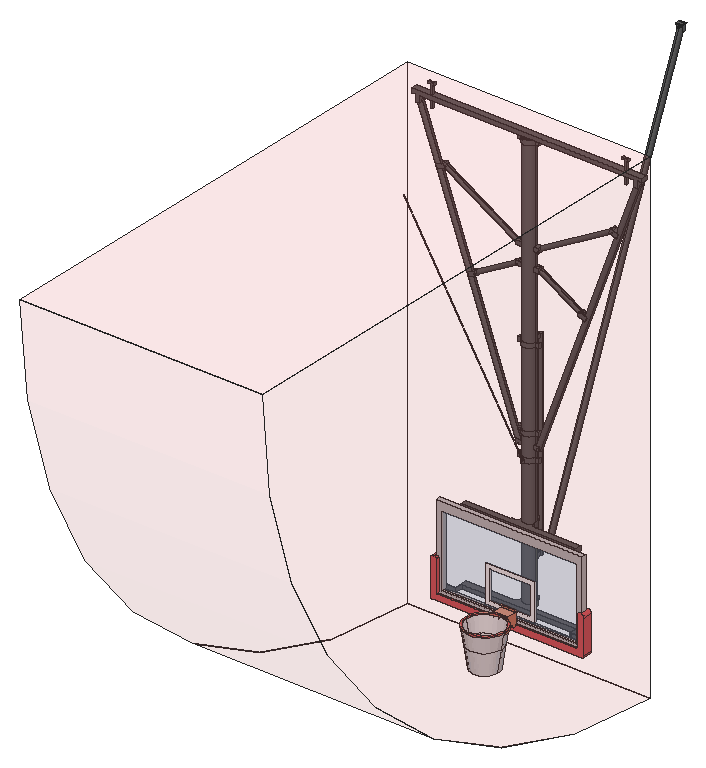
Revit family "Basketball_Backstop-Ceiling_Mount-Forward_Fold-IPIbyBison-IP1350SF-Xtra_Height", category Specialty Equipment, Revit 2026
Family settings
  Round Connector Dimension = Use Diameter
  Part Type = Normal
  Classification Number = 23.40.50.34.14
  Enable Cutting in Views = No
  Always vertical = Yes
  Cut with Voids When Loaded = No
  Maintain Annotation Orientation = No
  Shared = No
  Room Calculation Point = No
Parameters (values of type "Front Fold Rear Braced")
  Unit Weight [instance] = 0
  URL = "https://ipibybison.com/"
  Swing Clearance Visible [instance] = yes
  Specification = "https://www.arcat.com/company/ipi-by-bison-38554/spec"
  Set Frame Below Truss Level [instance] = -0' - 1"
  Rim Color [instance] = Plastic - IPI by Bison - Orange OR
  Product Page URL = "https://www.arcat.com/arcatcos/cos38/arc38554.html"
  Net Color [instance] = Finish - IPI by Bison - White Netting
  Model = "IP1350SF"
  Manufacturer = "IPI by Bison"
  Keynote = "11 66 00"
  Glass [instance] = Glass - IPI by Bison
  Frame Finish [instance] = Finish - IPI by Bison - Black
  Folding Clearance [instance] = ARCAT Clearance
  F_Length of Piping Below Brace Point [instance] = 1' - 6"
  FF to Top of Hoop [instance] = 10' - 0"
  Description = "Back Folding Basketball Frame and Backboard, Ceiling Mount"
  Default Elevation = 0' - 0"
  Copyright = "© 2023 ARCAT"  # constant formula
  C_Distance to Lift Cable [instance] = 6' - 6.37923"
  CAD Details = "https://www.arcat.com/company/ipi-by-bison-38554/cad"
  Backboard Type = Backboard_BA42XLGlass : Backboard_BA42XLGlass
  Backboard Square Color [instance] = Finish - IPI by Bison - White
  Backboard Padding Color [instance] = Plastic - IPI by Bison - Scarlet SC
  Backboard Frame Color [instance] = Finish - IPI by Bison - Satin Aluminum
  Backboard Distance from Wall [instance] = 7' - 0"
  B_Distance Between Y Frame Supports [instance] = 8' - 0"  # constant formula
  Available Options = "as Specified"
  A_Distance to Brace [instance] = 7' - 10"
Reference planes (in)
  plane 1 "Center (Front/Back)": y = 0
  plane 2: z = 0
  plane 3 "Center (Left/Right)": x = 0
  plane 4: y = -84
  plane 5: x = -48
  plane 6: x = 48
  plane 7: z = 120
Forms (in)
  Revolve 1, solid, material "ARCAT Clearance" <- "Folding Clearance", visible <- "Swing Clearance Visible"
    sketch origin (-24.35865, -84, 48) x (-1, 0, 0) y (0, 0, 1)
      loop
        line (35.64135, 288) -> (-84.35865, 288) -> (-84.35865, 48) -> (35.64135, 48) -> (35.64135, 288)
      axis (35.64135, 288) -> (-84.35865, 288)
    angle from 0 to 90
Dimensions and locks (in)
  "Backboard Distance from Wall": plane 4 to plane 1 "Center (Front/Back)"
  equal spacing: plane 5, plane 3 "Center (Left/Right)", plane 6
  "B_Distance Between Y Frame Supports": plane 5 to plane 6
  "FF to Top of Hoop": plane 7 to level
  locked: plane 6 to Revolve 1 sketch curve at 12
  locked: Revolve 1 sketch curve to plane 5 at 12
  locked: plane 7 to Revolve 1 sketch curve at 24
  aligned and locked: level to plane 2
  aligned and locked: nested 2 to plane 4
  aligned and locked: plane 4 to nested 1
  aligned and locked: Revolve 1 sketch curve to level
  aligned and locked: level to Revolve 1 sketch curve
Automatic sketch dimensions
  plane 6 to Revolve 1 sketch curve = 0' - 4.26312"
  Revolve 1 sketch curve to plane 5 = 0' - 0.73688"
Nested families (in)
  nested 1: "Backboard_BA42XLGlass" at (0, -84, 120) x (-1, 0, 0) z (0, 0, 1), built-in parameter 1001364 <- "FF to Top of Hoop", backboard color <- "Backboard Frame Color", backboard square color <- "Backboard Square Color", frame finish <- "Frame Finish", glass <- "Glass", rim finish <- "Rim Color", net color <- "Net Color", padding color <- "Backboard Padding Color", height offset <- "FF to Top of Hoop", type "Backboard_BA42XLGlass"
    with rim finish Plastic - IPI by Bison - Orange OR, padding color Plastic - IPI by Bison - Scarlet SC, net color Finish - IPI by Bison - White Netting, height offset 10' - 0", glass Glass - IPI by Bison, frame finish Finish - IPI by Bison - Black, backboard square color Finish - IPI by Bison - White, backboard color Finish - IPI by Bison - Satin Aluminum
  nested 2: "Frame_FFRB28" at (0, -84, 335), built-in parameter 1001364 <- "Set Frame Below Truss Level", a <- "A_Distance to Brace", f <- "F_Length of Piping Below Brace Point", frame <- "Frame Finish", c <- "C_Distance to Lift Cable", type "Frame_FFRB28"
    with frame Finish - IPI by Bison - Black, f 1' - 6", c 6' - 6.37923", b 8' - 0", a 7' - 10"
Definition of nested family "Backboard_BA42XLGlass"
  Parameters (values of type "Backboard_BA42XLGlass")
    padding color [instance] = none
    net color [instance] = none
    rim finish [instance] = none
    height offset [instance] = 9' - 6"
    glass [instance] = none
    frame finish [instance] = none
    backboard square color [instance] = none
    backboard color [instance] = none
    Default Elevation = 4' - 0"
  Reference planes (in)
    plane 1 "Center (Front/Back)": y = 0
    plane 2: z = 0
    plane 3 "Center (Left/Right)": x = 0
    plane 4: z = -114
  Forms (in)
    Extrusion 1, solid, material <- "backboard color"
      sketch origin (-8.43545, 11.2937, 28.94441) x (1, 0, 0) y (0, 0, 1)
        loop
          line (-27.56455, 6.99989) -> (-27.56455, -35.00011) -> (44.43545, -35.00011) -> (44.43545, 6.99989) -> (-27.56455, 6.99989)
        loop
          line (41.81045, 2.74989) -> (-24.93955, 2.74989) -> (-24.93955, -32.37511) -> (41.81045, -32.37511) -> (41.81045, 2.74989)
      from 1.125 to -1.125
    Extrusion 2, solid, material <- "padding color"
      sketch origin (-8.43545, 11.2937, 29.06941) x (1, 0, 0) y (0, 0, 1)
        loop
          line (-27.55038, -17.62511) -> (-27.80038, -17.62511)
          arc (-27.80038, -17.62511) -> (-29.03781, -18.13767) -> (-29.55038, -19.37511) r 1.75
          line (-29.55038, -19.37511) -> (-29.55038, -36.12511)
          arc (-29.55038, -36.12511) -> (-29.25748, -36.83222) -> (-28.55038, -37.12511) r 1
          line (-28.55038, -37.12511) -> (45.44962, -37.12511)
          arc (45.44962, -37.12511) -> (46.15673, -36.83222) -> (46.44962, -36.12511) r 1
          line (46.44962, -36.12511) -> (46.44962, -19.37511)
          arc (46.44962, -19.37511) -> (45.93706, -18.13767) -> (44.69962, -17.62511) r 1.75
          line (44.69962, -17.62511) -> (44.42127, -17.62511)
          arc (44.42127, -17.62511) -> (43.71416, -17.918) -> (43.42127, -18.62511) r 1
          line (43.42127, -18.62511) -> (43.42127, -33.98376) -> (-26.55038, -33.98376) -> (-26.55038, -18.62511)
          arc (-26.55038, -18.62511) -> (-26.84327, -17.918) -> (-27.55038, -17.62511) r 1
      from -2.18697 to 2.14819
    Revolve 3, solid, material <- "net color"
      sketch origin (-8.43545, 27.4812, 28.93687) x (1, 0, 0) y (0, 0, 1)
        loop
          circle (-0.85808, -29.24642) r 0.3125
        loop
          line (-1.03195, -29.9762) -> (0.27041, -37.36226) -> (1.80132, -48.25521) -> (2.05377, -48.25521) -> (0.51737, -37.32314) -> (-0.77809, -29.9762) -> (-1.03195, -29.9762)
        axis (8.43545, -48.25521) -> (8.43545, -29.24642)
      angle from 0 to 360
    Revolve 4, solid, material <- "rim finish"
      sketch origin (0.02792, 11.2937, 0) x (0, 1, 0) y (0, 0, 1)
        loop
          line (6.79001, -0.625) -> (6.54001, -0.625) -> (6.54001, -2.125) -> (6.79001, -2.125) -> (6.79001, -0.625)
        axis (16.04001, -2.125) -> (16.04001, -0.625)
      angle from -90 to 90
    Extrusion 5, solid, material <- "rim finish"
      sketch origin (0, 0, 0) x (0, 1, 0) y (0, 0, 1)
        loop
          line (17.69724, 0) -> (12.8212, 0) -> (13.12361, 1.21287) -> (12.79369, 1.29513) -> (12.47078, 0) -> (12.47078, -6.5) -> (13.63137, -6.5) -> (17.69724, -2.43414) -> (17.69724, 0)
      from -3.50075 to 3.49925
    Extrusion 6, solid, material <- "backboard square color"
      sketch origin (0.02792, 11.2937, 0) x (1, 0, 0) y (0, 0, 1)
        loop
          line (-12.02792, 16.0023) -> (-12.02792, -1.9977) -> (11.97208, -1.9977) -> (11.97208, 16.0023) -> (-12.02792, 16.0023)
        loop
          line (-10.02792, 14.0023) -> (-10.02792, 0) -> (9.97208, 0) -> (9.97208, 14.0023) -> (-10.02792, 14.0023)
      from -0.44333 to 0.05679
    Extrusion 7, solid, material <- "glass"
      sketch origin (0.02792, 11.2937, 0) x (1, 0, 0) y (0, 0, 1)
        loop
          line (-33.40292, 31.6943) -> (-33.40292, -3.4307) -> (33.34708, -3.4307) -> (33.34708, 31.6943) -> (-33.40292, 31.6943)
      from -0.405 to 0
    Extrusion 8, solid, material <- "frame finish"
      sketch origin (0, 11.2937, 0) x (1, 0, 0) y (0, 1, 0)
        loop
          line (-28.5, -7.7495) -> (-6, -7.7495) -> (-6, -8.1245) -> (-4.12188, -8.1245) -> (-3.02199, -10.02957)
          arc (-3.02199, -10.02957) -> (-2.89931, -12.81607) -> (-0.66175, -14.4813) r 3.25
          line (-0.66175, -14.4813) -> (-0.66175, -16.28845) -> (0.60591, -16.28845) -> (0.60591, -14.4813)
          arc (0.60591, -14.4813) -> (2.82905, -12.84298) -> (2.98938, -10.08605) r 3.25
          line (2.98938, -10.08605) -> (4.12188, -8.1245) -> (6, -8.1245) -> (6, -7.7495) -> (28.5, -7.7495) -> (28.5, -1.4995) -> (33, -1.4995) -> (33, -1.125) -> (28.25, -1.125) -> (28.25, -4.7495) -> (-28.25, -4.7495) -> (-28.25, -1.125) -> (-33, -1.125) -> (-33, -1.4995) -> (-28.5, -1.4995) -> (-28.5, -7.7495)
      from -3.4307 to -1.5237
    Extrusion 9, solid, material <- "frame finish"
      sketch origin (0, 11.2937, 0) x (1, 0, 0) y (0, 1, 0)
        loop
          line (-28.5, -7.7495) -> (-6, -7.7495) -> (-6, -8.1245) -> (-4.12188, -8.1245) -> (-3.02199, -10.02957)
          arc (-3.02199, -10.02957) -> (-2.89931, -12.81607) -> (-0.66175, -14.4813) r 3.25
          line (-0.66175, -14.4813) -> (-0.66175, -16.28845) -> (0.60591, -16.28845) -> (0.60591, -14.4813)
          arc (0.60591, -14.4813) -> (2.82905, -12.84298) -> (2.98938, -10.08605) r 3.25
          line (2.98938, -10.08605) -> (4.12188, -8.1245) -> (6, -8.1245) -> (6, -7.7495) -> (28.5, -7.7495) -> (28.5, -1.4995) -> (33, -1.4995) -> (33, -1.125) -> (28.25, -1.125) -> (28.25, -4.7495) -> (-28.25, -4.7495) -> (-28.25, -1.125) -> (-33, -1.125) -> (-33, -1.4995) -> (-28.5, -1.4995) -> (-28.5, -7.7495)
      from 31.75979 to 34.1423
  Lines and regions (in)
    model lines
      curve 1: line (-0.00075, 0, 0) -> (-0.00075, 0, -114)
  Dimensions and locks (in)
    "height offset": level to plane 4
    aligned and locked: plane 2 to level
    aligned and locked: plane 4 to curve 1
  Automatic sketch dimensions
    curve 1 to level = 0' - 0"
    curve 1 to plane 3 "Center (Left/Right)" = 0' - 0.00075"
    Extrusion 1 sketch curve to plane 3 "Center (Left/Right)" = 3' - 0"
    Extrusion 1 sketch curve to Extrusion 1 sketch curve = 0' - 2 5/8"  (x2)
    plane 3 "Center (Left/Right)" to Extrusion 1 sketch curve = 2' - 9 3/8"
    Extrusion 1 sketch curve to level = 0' - 6.0557"
    Extrusion 1 sketch curve to level = 0' - 3.4307"
    level to Extrusion 1 sketch curve = 2' - 7.6943"
    Extrusion 1 sketch curve to Extrusion 1 sketch curve = 0' - 4 1/4"
    level to Extrusion 2 sketch curve = 0' - 9.6943"
    Extrusion 2 sketch curve to plane 3 "Center (Left/Right)" = 3' - 1.98582"
    Extrusion 2 sketch curve to Extrusion 2 sketch curve = 0' - 1"  (x4)
    Extrusion 2 sketch curve to Extrusion 2 sketch curve = 0' - 1 3/4"
    Extrusion 2 sketch curve to Extrusion 2 sketch curve = 0' - 0 1/4"
    level to Extrusion 2 sketch curve = 0' - 10.4443"
    plane 3 "Center (Left/Right)" to Extrusion 2 sketch curve = 2' - 10.98582"
    Extrusion 2 sketch curve to Extrusion 2 sketch curve = 0' - 0.27835"
    Extrusion 2 sketch curve to Extrusion 2 sketch curve = 0' - 2.02835"
    Extrusion 2 sketch curve to level = 0' - 4.91435"
    Extrusion 2 sketch curve to Extrusion 2 sketch curve = 0' - 2.14135"
    Revolve 3 sketch curve to plane 3 "Center (Left/Right)" = 0' - 0"
    Revolve 3 sketch curve to plane 3 "Center (Left/Right)" = 0' - 6.38167"
    Revolve 3 sketch curve to Revolve 3 sketch curve = 0' - 0.25246"
    Revolve 3 sketch curve to plane 3 "Center (Left/Right)" = 0' - 7.91808"
    Revolve 3 sketch curve to Revolve 3 sketch curve = 0' - 0.24696"
    Revolve 3 sketch curve to level = 0' - 1.03933"
    Revolve 3 sketch curve to Revolve 3 sketch curve = 0' - 1.0485"
    Revolve 3 sketch curve to level = 0' - 0.30954"
    Revolve 3 sketch curve to Revolve 3 sketch curve = 0' - 0.07999"
    Revolve 3 sketch curve to Revolve 3 sketch curve = 0' - 0.25386"
    Revolve 3 sketch curve to Revolve 3 sketch curve = 0' - 7.34694"
    Revolve 3 sketch curve to Revolve 3 sketch curve = 0' - 0.03911"
    Revolve 3 sketch curve to Revolve 3 sketch curve = 0' - 10.89295"
    Revolve 3 sketch curve to level = 0' - 0.00754"
    level to Revolve 3 sketch curve = 0' - 2.99246"
    Revolve 4 sketch curve to level = 0' - 2 1/8"
    Revolve 4 sketch curve to plane 1 "Center (Front/Back)" = 1' - 5.83371"
    Revolve 4 sketch curve to Revolve 4 sketch curve = 0' - 0 1/4"
    Revolve 4 sketch curve to level = 0' - 0 5/8"  (x2)
    Revolve 4 sketch curve to Revolve 4 sketch curve = 0' - 9 1/4"
    level to Revolve 4 sketch curve = 0' - 3 1/8"
    Extrusion 5 sketch curve to level = 0' - 0"  (x2)
    Extrusion 5 sketch curve to plane 1 "Center (Front/Back)" = 1' - 0.47078"
    level to Extrusion 5 sketch curve = 0' - 1.29513"
    Extrusion 5 sketch curve to Extrusion 5 sketch curve = 0' - 0.32291"
    Extrusion 5 sketch curve to Extrusion 5 sketch curve = 0' - 0.35043"
    Extrusion 5 sketch curve to Extrusion 5 sketch curve = 0' - 1.16059"
    Extrusion 5 sketch curve to Extrusion 5 sketch curve = 0' - 4.57363"
    Extrusion 5 sketch curve to Extrusion 5 sketch curve = 0' - 2.43414"
    Extrusion 5 sketch curve to Extrusion 5 sketch curve = 0' - 6 1/2"
    Extrusion 6 sketch curve to level = 0' - 0"
    Extrusion 6 sketch curve to level = 0' - 1.9977"
    Extrusion 6 sketch curve to plane 3 "Center (Left/Right)" = 1' - 0"
    Extrusion 6 sketch curve to Extrusion 6 sketch curve = 0' - 2"  (x3)
    plane 3 "Center (Left/Right)" to Extrusion 6 sketch curve = 0' - 10"
    Extrusion 6 sketch curve to Extrusion 6 sketch curve = 1' - 2.0023"
    Extrusion 7 sketch curve to plane 3 "Center (Left/Right)" = 2' - 9 3/8"
    Extrusion 7 sketch curve to level = 0' - 3.4307"
    plane 3 "Center (Left/Right)" to Extrusion 7 sketch curve = 2' - 9 3/8"
    level to Extrusion 7 sketch curve = 2' - 7.6943"
    Extrusion 8 sketch curve to Extrusion 8 sketch curve = 0' - 0"  (x3)
    plane 1 "Center (Front/Back)" to Extrusion 8 sketch curve = 0' - 0"
    Extrusion 8 sketch curve to plane 1 "Center (Front/Back)" = 0' - 9.7942"
    Extrusion 8 sketch curve to plane 3 "Center (Left/Right)" = 2' - 9"
    Extrusion 8 sketch curve to plane 1 "Center (Front/Back)" = 0' - 3.5442"
    Extrusion 8 sketch curve to Extrusion 8 sketch curve = 0' - 4 1/2"  (x2)
    Extrusion 8 sketch curve to Extrusion 8 sketch curve = 0' - 0 1/4"  (x2)
    Extrusion 8 sketch curve to plane 3 "Center (Left/Right)" = 0' - 6"
    Extrusion 8 sketch curve to Extrusion 8 sketch curve = 0' - 1.87812"  (x2)
    Extrusion 8 sketch curve to Extrusion 8 sketch curve = 0' - 1.09989"
    Extrusion 8 sketch curve to plane 3 "Center (Left/Right)" = 0' - 0.66175"
    Extrusion 8 sketch curve to plane 3 "Center (Left/Right)" = 0' - 0.02792"
    plane 3 "Center (Left/Right)" to Extrusion 8 sketch curve = 0' - 0.60591"
    Extrusion 8 sketch curve to plane 1 "Center (Front/Back)" = 0' - 1.20765"
    plane 3 "Center (Left/Right)" to Extrusion 8 sketch curve = 0' - 2.98938"
    Extrusion 8 sketch curve to Extrusion 8 sketch curve = 0' - 1.1325"
    Extrusion 8 sketch curve to plane 1 "Center (Front/Back)" = 0' - 10.1687"
    Extrusion 8 sketch curve to Extrusion 8 sketch curve = 1' - 10 1/4"
    Extrusion 8 sketch curve to Extrusion 8 sketch curve = 0' - 1.80715"
    Extrusion 8 sketch curve to Extrusion 8 sketch curve = 0' - 0 3/8"  (x2)
    Extrusion 8 sketch curve to plane 1 "Center (Front/Back)" = 0' - 3.1692"
    Extrusion 8 sketch curve to Extrusion 8 sketch curve = 0' - 3"
    Extrusion 8 sketch curve to Extrusion 8 sketch curve = 0' - 0.3745"  (x2)
    Extrusion 9 sketch curve to Extrusion 9 sketch curve = 0' - 0"  (x3)
    plane 1 "Center (Front/Back)" to Extrusion 9 sketch curve = 0' - 0"
    Extrusion 9 sketch curve to plane 1 "Center (Front/Back)" = 0' - 9.7942"
    Extrusion 9 sketch curve to plane 3 "Center (Left/Right)" = 2' - 9"
    Extrusion 9 sketch curve to plane 1 "Center (Front/Back)" = 0' - 3.5442"  (x2)
    Extrusion 9 sketch curve to Extrusion 9 sketch curve = 0' - 4 1/2"  (x2)
    Extrusion 9 sketch curve to Extrusion 9 sketch curve = 0' - 0 1/4"  (x2)
    Extrusion 9 sketch curve to plane 3 "Center (Left/Right)" = 0' - 6"
    Extrusion 9 sketch curve to Extrusion 9 sketch curve = 0' - 1.87812"  (x2)
    Extrusion 9 sketch curve to Extrusion 9 sketch curve = 0' - 1.09989"
    Extrusion 9 sketch curve to plane 3 "Center (Left/Right)" = 0' - 0.66175"
    Extrusion 9 sketch curve to plane 3 "Center (Left/Right)" = 0' - 0.02792"
    plane 3 "Center (Left/Right)" to Extrusion 9 sketch curve = 0' - 0.60591"
    Extrusion 9 sketch curve to plane 1 "Center (Front/Back)" = 0' - 1.20765"
    plane 3 "Center (Left/Right)" to Extrusion 9 sketch curve = 0' - 2.98938"
    Extrusion 9 sketch curve to Extrusion 9 sketch curve = 0' - 1.1325"
    Extrusion 9 sketch curve to plane 1 "Center (Front/Back)" = 0' - 10.1687"
    Extrusion 9 sketch curve to Extrusion 9 sketch curve = 1' - 10 1/4"
    Extrusion 9 sketch curve to Extrusion 9 sketch curve = 0' - 1.80715"
    Extrusion 9 sketch curve to Extrusion 9 sketch curve = 0' - 0 3/8"
    Extrusion 9 sketch curve to plane 1 "Center (Front/Back)" = 0' - 3.1692"
    Extrusion 9 sketch curve to Extrusion 9 sketch curve = 0' - 3"
    Extrusion 9 sketch curve to Extrusion 9 sketch curve = 0' - 0.3745"  (x2)
    radius of Revolve 3 sketch curve = 0' - 0 5/16"
Definition of nested family "Frame_FFRB28"
  Parameters (values of type "Frame_FFRB28")
    frame [instance] = none
    f [instance] = 1' - 6"
    c [instance] = 6' - 6.37923"
    b [instance] = 8' - 0"  # constant formula
    a [instance] = 7' - 10"
    Default Elevation = 4' - 0"
  Reference planes (in)
    plane 1 "Center (Front/Back)": y = 0
    plane 2: z = 0
    plane 3 "Center (Left/Right)": x = 0
    plane 4: z = -4.125
    plane 5: x = -48
    plane 6: x = 48
    plane 7: z = -219
    plane 8: z = -201
    plane 9: y = -78.37923
    plane 10: y = 94
    plane 11: z = -102
  Forms (in)
    Extrusion 1, solid, material <- "frame"
      sketch origin (0, 0, 0) x (-1, 0, 0) y (0, 0, 1)
        loop
          line (-48.5, -3.57547) -> (-49.1801, -3.57547) -> (-49.1801, -4.57547) -> (-48.5, -4.57547) -> (-48.5, -14.94659) -> (-47.5, -14.94659) -> (-47.5, -4.50272) -> (-46.31181, -4.50272) -> (-46.31181, -3.67379) -> (-47.125, -3.67379) -> (-47.125, -3.45566) -> (-48.5, -3.45566) -> (-48.5, -3.57547)
        loop
          line (47.5, -3.57547) -> (46.8199, -3.57547) -> (46.8199, -4.57547) -> (47.5, -4.57547) -> (47.5, -14.94659) -> (48.5, -14.94659) -> (48.5, -4.50272) -> (49.68819, -4.50272) -> (49.68819, -3.67379) -> (48.875, -3.67379) -> (48.875, -3.45566) -> (47.5, -3.45566) -> (47.5, -3.57547)
      from -0.4375 to 0.4375
    Extrusion 2, solid, material <- "frame"
      sketch origin (0, 0, 0) x (-1, 0, 0) y (0, -1, 0)
        loop
          circle (0, 0) r 3
      from -219 to -10.81466
    Extrusion 3, solid, material <- "frame"
      sketch origin (0, 0, 0) x (-1, 0, 0) y (0, -1, 0)
        loop
          line (-5.03472, 0.60591) -> (-5.03472, -0.60591) -> (-3.12072, -0.60591)
          arc (-3.12072, -0.60591) -> (0, -3.179) -> (3.12072, -0.60591) r 3.179
          line (3.12072, -0.60591) -> (5.03472, -0.60591) -> (5.03472, 0.60591) -> (3.12072, 0.60591)
          arc (3.12072, 0.60591) -> (0, 3.179) -> (-3.12072, 0.60591) r 3.179
          line (-3.12072, 0.60591) -> (-5.03472, 0.60591)
      from -13.07366 to -11.07366
    Sweep 4, solid, material <- "frame"
      path origin (0, 0, 0) x (0, -1, 0) y (0, 0, 1)
        loop
          line (-12.23988, -196.54356) -> (-94, -3.76608)
      profile origin (0, 53.11994, -100.15482) x (0, 0.920623, -0.390452) y (-1, 0, 0)
        loop
          circle (0, 0) r 1.1875
    Extrusion 5, solid, material <- "frame"
      sketch origin (0, 0, 0) x (0, -1, 0) y (0, 0, 1)
        loop
          line (-12.98126, -194.17844) -> (-13.06305, -195.73905) -> (-4.5747, -196.18391) -> (-4.49291, -194.62329) -> (-12.98126, -194.17844)
      from -1.32288 to 1.32288
    Extrusion 6, solid, material <- "frame"
      sketch origin (0, -28.44509, -102) x (0, -1, 0) y (1, 0, 0)
        loop
          line (-27.83918, 5.03472) -> (-29.051, 5.03472) -> (-29.051, 3.12072)
          arc (-29.051, 3.12072) -> (-30.83713, 2.09384) -> (-31.61856, 0.1875) r 3.179
          line (-31.61856, 0.1875) -> (-34.62409, 0.1875) -> (-34.62409, -0.1875) -> (-31.61856, -0.1875)
          arc (-31.61856, -0.1875) -> (-30.83713, -2.09384) -> (-29.051, -3.12072) r 3.179
          line (-29.051, -3.12072) -> (-29.051, -5.03472) -> (-27.83918, -5.03472) -> (-27.83918, -3.12072)
          arc (-27.83918, -3.12072) -> (-25.26609, 0) -> (-27.83918, 3.12072) r 3.179
          line (-27.83918, 3.12072) -> (-27.83918, 5.03472)
      from 1 to -1
    Extrusion 7, solid, material <- "frame"
      sketch origin (0, 0, 0) x (-1, 0, 0) y (0, -1, 0)
        loop
          line (-5.03472, 0.60591) -> (-5.03472, -0.60591) -> (-3.12072, -0.60591)
          arc (-3.12072, -0.60591) -> (0, -3.179) -> (3.12072, -0.60591) r 3.179
          line (3.12072, -0.60591) -> (5.03472, -0.60591) -> (5.03472, 0.60591) -> (3.12072, 0.60591)
          arc (3.12072, 0.60591) -> (0, 3.179) -> (-3.12072, 0.60591) r 3.179
          line (-3.12072, 0.60591) -> (-5.03472, 0.60591)
      from -142.08066 to -140.08066
    Extrusion 8, solid, material <- "frame"
      sketch origin (0, 0, 0) x (0, -1, 0) y (0, 0, 1)
        loop
          line (-6.179, -197) -> (-6.179, -199) -> (-3.179, -202) -> (-3.179, -200) -> (-6.179, -197)
      from -0.1875 to 0.1875
    Extrusion 9, solid, material <- "frame"
      sketch origin (5.03472, -180, -201) x (-1, 0, 0) y (0, -1, 0)
        loop
          circle (5.03472, -187.12445) r 0.94999
      from 1.88343 to 100
    Extrusion 10, solid, material <- "frame"
      sketch origin (5.03472, -180, -200.99692) x (-1, 0, 0) y (0, -1, 0)
        loop
          line (0, -179.39409) -> (0, -180.60591) -> (1.914, -180.60591)
          arc (1.914, -180.60591) -> (5.03472, -183.179) -> (8.15545, -180.60591) r 3.179
          line (8.15545, -180.60591) -> (10.06945, -180.60591) -> (10.06945, -179.39409) -> (8.15545, -179.39409)
          arc (8.15545, -179.39409) -> (5.03472, -176.821) -> (1.914, -179.39409) r 3.179
          line (1.914, -179.39409) -> (0, -179.39409)
      from 46.94296 to 49.05457
    Extrusion 11, solid, material <- "frame"
      sketch origin (0, 0, 0) x (0, -1, 0) y (0, 0, 1)
        loop
          circle (4.11596, -153.00292) r 0.75
        loop
          circle (4.11596, -153.00292) r 0.39519
      from -0.1875 to 0.1875
    Sweep 12, solid, material <- "frame"
      path origin (0, 0, 0) x (0, -1, 0) y (0, 0, 1)
        loop
          line (4.11596, -153.02222) -> (77.52151, -2.66361)
      profile origin (0, -40.81874, -77.84291) x (0, 0.898627, 0.438713) y (-1, 0, 0)
        loop
          circle (0, 0) r 0.0625
    Extrusion 13, solid, material <- "frame"
      sketch origin (0, 0, -1.125) x (0, -1, 0) y (0, 0, 1)
        loop
          line (-94.625, -0.80732) -> (-94.625, -3.80732) -> (-93.375, -3.80732) -> (-93.375, -0.80732) -> (-94.625, -0.80732)
      from -1.5 to 1.5
    Extrusion 14, solid, material <- "frame"
      sketch origin (0, 0, -1.125) x (0, -1, 0) y (0, 0, 1)
        loop
          line (-95.5, -0.80732) -> (-95.5, -1.05732) -> (-92.5, -1.05732) -> (-92.5, -0.80732) -> (-95.5, -0.80732)
      from -1.5 to 1.5
    Extrusion 15, solid, material <- "frame"
      sketch origin (0, -0.03, 0) x (1, 0, 0) y (0, 0, 1)
        loop
          line (-57, -8.85715) -> (-57, -10.85715) -> (-55, -10.85715) -> (-55, -14.10715) -> (-53, -14.10715) -> (-53, -10.85715) -> (53, -10.85715) -> (53, -14.10715) -> (55, -14.10715) -> (55, -10.85715) -> (57, -10.85715) -> (57, -8.85715) -> (-57, -8.85715)
      from -1.53 to 1.47
    Sweep 16, solid, material <- "frame"
      path origin (0, -0.03, 0) x (-1, 0, 0) y (0, 0, 1)
        loop
          line (-54.25831, -12.58204) -> (-4.68934, -147.70227)
      profile origin (29.47382, -0.03, -80.14215) x (0.93882, 0, -0.344407) y (0, -1, 0)
        loop
          circle (0, 0) r 1.2175
    Extrusion 17, solid, material <- "frame"
      sketch origin (0, -0.03, 0) x (1, 0, 0) y (0, 0, 1)
        loop
          line (-44.88847, -38.1233) -> (-44.19966, -40.00094) -> (-40.5513, -38.66254) -> (-41.24011, -36.7849) -> (-44.88847, -38.1233)
        loop
          line (-29.35533, -80.46516) -> (-28.66652, -82.3428) -> (-25.14594, -81.05127) -> (-25.83475, -79.17363) -> (-29.35533, -80.46516)
        loop
          line (-2.78107, -58.17015) -> (-5.78107, -58.17015) -> (-5.78107, -60.17015) -> (-2.78107, -60.17015) -> (-2.78107, -58.17015)
        loop
          line (-2.78107, -67.17015) -> (-5.78107, -67.17015) -> (-5.78107, -69.17015) -> (-2.78107, -69.17015) -> (-2.78107, -67.17015)
        loop
          line (44.88847, -38.1233) -> (41.24011, -36.7849) -> (40.5513, -38.66254) -> (44.19966, -40.00094) -> (44.88847, -38.1233)
        loop
          line (29.35533, -80.46516) -> (25.83475, -79.17363) -> (25.14594, -81.05127) -> (28.66652, -82.3428) -> (29.35533, -80.46516)
        loop
          line (2.78107, -58.17015) -> (2.78107, -60.17015) -> (5.78107, -60.17015) -> (5.78107, -58.17015) -> (2.78107, -58.17015)
        loop
          line (2.78107, -67.17015) -> (2.78107, -69.17015) -> (5.78107, -69.17015) -> (5.78107, -67.17015) -> (2.78107, -67.17015)
        loop
          line (-2.69765, -147.99815) -> (-2.69765, -145.99815) -> (-5.69765, -145.99815) -> (-5.69765, -147.99815) -> (-2.69765, -147.99815)
        loop
          line (2.69765, -147.99815) -> (5.69765, -147.99815) -> (5.69765, -145.99815) -> (2.69765, -145.99815) -> (2.69765, -147.99815)
      from -1.42904 to 1.345
    Sweep 18, solid, material <- "frame"
      path origin (0, -0.03, 0) x (1, 0, 0) y (0, 0, 1)
        loop
          line (-42.36358, -37.61622) -> (-4.38156, -59.54515)
      profile origin (-23.37257, -0.03, -48.58069) x (0.5, 0, 0.866025) y (0, -1, 0)
        loop
          circle (0, 0) r 1
    Sweep 19, solid, material <- "frame"
      path origin (0, -0.03, 0) x (-1, 0, 0) y (0, 0, 1)
        loop
          line (-42.36358, -37.61622) -> (-4.38156, -59.54515)
      profile origin (23.37257, -0.03, -48.58069) x (0.5, 0, -0.866025) y (0, -1, 0)
        loop
          circle (0, 0) r 1
    Sweep 20, solid, material <- "frame"
      path origin (0, -0.03, 60) x (1, 0, 0) y (0, 0, 1)
        loop
          line (-26.81592, -140.66699) -> (-4.38156, -127.7145)
      profile origin (-15.59874, -0.03, -74.19074) x (-0.5, 0, 0.866025) y (0, -1, 0)
        loop
          circle (0, 0) r 1
    Sweep 21, solid, material <- "frame"
      path origin (0, -0.03, 60) x (-1, 0, 0) y (0, 0, 1)
        loop
          line (-26.81592, -140.66699) -> (-4.38156, -127.7145)
      profile origin (15.59874, -0.03, -74.19074) x (-0.5, 0, -0.866025) y (0, -1, 0)
        loop
          circle (0, 0) r 1
    Sweep 22, solid, material <- "frame"
      path origin (0, -0.03, 0) x (1, 0, 0) y (0, 0, 1)
        loop
          line (-54.25831, -12.58204) -> (-4.68934, -147.70227)
      profile origin (-29.47382, -0.03, -80.14215) x (0.93882, 0, 0.344407) y (0, -1, 0)
        loop
          circle (0, 0) r 1.2175
  Dimensions and locks (in)
    equal spacing: plane 5, plane 3 "Center (Left/Right)", plane 6
    "b": plane 5 to plane 6
    locked: level to plane 4 at 4.125
    "f": plane 8 to plane 7
    Extrusion 1 sketch curve to Extrusion 1 sketch curve to Extrusion 1 sketch curve to plane 5 to Extrusion 1 sketch curve to Extrusion 1 sketch curve to Extrusion 1 sketch curve = 0' - 0.81319" locked, 0' - 0 3/8" locked, 0' - 0 1/2" locked, 0' - 0 1/2" locked, 0' - 0" locked, 0' - 0.6801" locked
    Extrusion 1 sketch curve to Extrusion 1 sketch curve to Extrusion 1 sketch curve to plane 6 to Extrusion 1 sketch curve to Extrusion 1 sketch curve to Extrusion 1 sketch curve = 0' - 0.81319" locked, 0' - 0 3/8" locked, 0' - 0 1/2" locked, 0' - 0 1/2" locked, 0' - 0" locked, 0' - 0.6801" locked
    locked: level to Sweep 12 sketch curve at 153.02222
    locked: Sweep 12 sketch curve to plane 1 "Center (Front/Back)" at 4.11596
    "a": plane 1 "Center (Front/Back)" to plane 10
    "c": plane 9 to plane 1 "Center (Front/Back)"
    locked: Sweep 12 sketch curve to plane 4 at 1.46139
    locked: plane 9 to Sweep 12 sketch curve at 0.85771
    Extrusion 14 sketch curve to plane 10 to Extrusion 14 sketch curve = 0' - 1 1/2" locked, 0' - 1 1/2" locked
    Extrusion 13 sketch curve to plane 10 to Extrusion 13 sketch curve = 0' - 0 5/8" locked, 0' - 0 5/8" locked
    locked: plane 10 to Sweep 4 sketch curve at 0
    locked: level to Sweep 4 sketch curve at 3.76608
    locked: Sweep 4 sketch curve to plane 8 at 4.45644
    locked: plane 1 "Center (Front/Back)" to Sweep 4 sketch curve at 12.23988
    Extrusion 5 sketch curve to Extrusion 5 sketch curve to Extrusion 5 sketch curve to Extrusion 5 sketch curve to plane 8 = 0' - 0.44486" locked, 0' - 1.11576" locked, 0' - 0.44486" locked, 0' - 4.81609" locked
    Extrusion 8 sketch curve to Extrusion 8 sketch curve to Extrusion 8 sketch curve to plane 8 to Extrusion 8 sketch curve = 0' - 2" locked, 0' - 1" locked, 0' - 1" locked, 0' - 1" locked
    Extrusion 17 sketch curve to Extrusion 17 sketch curve = 0' - 2"  (x2)
    locked: level to plane 11 at 102
    locked: level to Sweep 16 sketch curve at 147.70227
    locked: Sweep 16 sketch curve to plane 3 "Center (Left/Right)" at 4.68934
    locked: plane 3 "Center (Left/Right)" to Sweep 22 sketch curve at 4.68934
    locked: level to Sweep 22 sketch curve at 147.70227
    locked: plane 11 to Extrusion 17 sketch curve at 43.99815  (x2)
    locked: level to Extrusion 11 sketch curve at 153.00292
    plane 11 to plane 8 = 8' - 3"
    aligned and locked: plane 2 to level
    aligned and locked: plane 7 to Extrusion 2
  Automatic sketch dimensions
    plane 4 to Extrusion 1 sketch curve = 0' - 0.54953"  (x2)
    Extrusion 1 sketch curve to plane 4 = 0' - 0.37772"  (x2)
    Extrusion 1 sketch curve to plane 4 = 0' - 0.45047"  (x2)
    Extrusion 1 sketch curve to Extrusion 1 sketch curve = 0' - 10.37112"  (x2)
    plane 4 to Extrusion 1 sketch curve = 0' - 0.45121"  (x2)
    Extrusion 1 sketch curve to Extrusion 1 sketch curve = 0' - 0.21814"  (x2)
    plane 1 "Center (Front/Back)" to Extrusion 2 sketch curve = 0' - 0"
    Extrusion 2 sketch curve to plane 3 "Center (Left/Right)" = 0' - 0"
    Extrusion 3 sketch curve to Extrusion 3 sketch curve = 0' - 0"  (x3)
    plane 1 "Center (Front/Back)" to Extrusion 3 sketch curve = 0' - 0"
    Extrusion 3 sketch curve to plane 3 "Center (Left/Right)" = 0' - 0"
    Extrusion 3 sketch curve to plane 1 "Center (Front/Back)" = 0' - 0.60591"  (x2)
    plane 3 "Center (Left/Right)" to Extrusion 3 sketch curve = 0' - 3.12072"
    plane 1 "Center (Front/Back)" to Extrusion 3 sketch curve = 0' - 0.60591"  (x2)
    Extrusion 3 sketch curve to Extrusion 3 sketch curve = 0' - 1.914"  (x2)
    Extrusion 3 sketch curve to plane 3 "Center (Left/Right)" = 0' - 3.12072"
    profile plane to Sweep 4 sketch curve = 0' - 0"
    Sweep 4 sketch curve to profile plane = 0' - 0"
    Extrusion 5 sketch curve to Extrusion 5 sketch curve = 0' - 0.08179"
    Extrusion 5 sketch curve to plane 1 "Center (Front/Back)" = 0' - 4.5747"
    Extrusion 7 sketch curve to Extrusion 7 sketch curve = 0' - 0"  (x3)
    plane 1 "Center (Front/Back)" to Extrusion 7 sketch curve = 0' - 0"
    Extrusion 7 sketch curve to plane 3 "Center (Left/Right)" = 0' - 0"
    Extrusion 7 sketch curve to plane 1 "Center (Front/Back)" = 0' - 0.60591"  (x2)
    plane 3 "Center (Left/Right)" to Extrusion 7 sketch curve = 0' - 3.12072"
    plane 1 "Center (Front/Back)" to Extrusion 7 sketch curve = 0' - 0.60591"  (x2)
    Extrusion 7 sketch curve to Extrusion 7 sketch curve = 0' - 1.914"  (x2)
    Extrusion 7 sketch curve to plane 3 "Center (Left/Right)" = 0' - 3.12072"
    Extrusion 8 sketch curve to plane 1 "Center (Front/Back)" = 0' - 6.179"
    Extrusion 8 sketch curve to Extrusion 8 sketch curve = 0' - 3"
    Extrusion 11 sketch curve to Extrusion 11 sketch curve = 0' - 0"  (x2)
    plane 1 "Center (Front/Back)" to Extrusion 11 sketch curve = 0' - 4.11596"
    profile plane to Sweep 12 sketch curve = 0' - 0"
    Sweep 12 sketch curve to profile plane = 0' - 0"
    Extrusion 13 sketch curve to plane 4 = 0' - 0.80732"
    Extrusion 13 sketch curve to level = 0' - 1.93232"
    plane 4 to Extrusion 14 sketch curve = 0' - 1.94268"
    Extrusion 14 sketch curve to Extrusion 14 sketch curve = 0' - 0 1/4"
    Extrusion 9 sketch curve to plane 3 "Center (Left/Right)" = 0' - 0"
    Extrusion 9 sketch curve to plane 1 "Center (Front/Back)" = 0' - 7.12445"
    Extrusion 10 sketch curve to Extrusion 10 sketch curve = 0' - 0"  (x3)
    plane 1 "Center (Front/Back)" to Extrusion 10 sketch curve = 0' - 0"
    Extrusion 10 sketch curve to plane 3 "Center (Left/Right)" = 0' - 0"
    Extrusion 10 sketch curve to plane 1 "Center (Front/Back)" = 0' - 0.60591"  (x2)
    plane 3 "Center (Left/Right)" to Extrusion 10 sketch curve = 0' - 3.12072"
    plane 1 "Center (Front/Back)" to Extrusion 10 sketch curve = 0' - 0.60591"  (x2)
    Extrusion 10 sketch curve to Extrusion 10 sketch curve = 0' - 1.914"  (x2)
    Extrusion 10 sketch curve to plane 3 "Center (Left/Right)" = 0' - 3.12072"
    plane 5 to Extrusion 15 sketch curve = 0' - 9"
    Extrusion 15 sketch curve to Extrusion 15 sketch curve = 0' - 2"  (x5)
    Extrusion 15 sketch curve to plane 6 = 0' - 5"
    Extrusion 15 sketch curve to plane 4 = 0' - 9.98215"  (x2)
    Extrusion 15 sketch curve to Extrusion 15 sketch curve = 0' - 3 1/4"  (x2)
    Extrusion 15 sketch curve to Extrusion 15 sketch curve = 0' - 0"
    plane 6 to Sweep 16 sketch curve = 0' - 6.25831"
    plane 4 to Sweep 16 sketch curve = 0' - 8 117/256"
    Sweep 16 sketch curve to profile plane = 0' - 0"  (x2)
    Extrusion 17 sketch curve to plane 5 = 0' - 3.11153"
    Extrusion 17 sketch curve to Extrusion 17 sketch curve = 0' - 0.68881"  (x4)
    Extrusion 17 sketch curve to Extrusion 17 sketch curve = 0' - 3.64836"
    Extrusion 17 sketch curve to plane 5 = 1' - 6.64467"
    Extrusion 17 sketch curve to Extrusion 17 sketch curve = 0' - 3.52058"  (x2)
    Extrusion 17 sketch curve to plane 3 "Center (Left/Right)" = 0' - 5.78107"  (x2)
    Extrusion 17 sketch curve to plane 3 "Center (Left/Right)" = 0' - 5.69765"
    Extrusion 17 sketch curve to plane 3 "Center (Left/Right)" = 0' - 2.78107"  (x2)
    Extrusion 17 sketch curve to plane 3 "Center (Left/Right)" = 0' - 2.69765"
    plane 3 "Center (Left/Right)" to Extrusion 17 sketch curve = 0' - 2.69765"
    plane 3 "Center (Left/Right)" to Extrusion 17 sketch curve = 0' - 2.78107"  (x2)
    Extrusion 17 sketch curve to Extrusion 17 sketch curve = 0' - 3"  (x3)
    Extrusion 17 sketch curve to Extrusion 17 sketch curve = 1' - 7.36487"
    plane 6 to Extrusion 17 sketch curve = 0' - 7.4487"
    plane 6 to Extrusion 17 sketch curve = 0' - 3.80034"
    Extrusion 17 sketch curve to Extrusion 17 sketch curve = 5' - 3.65535"
    Extrusion 17 sketch curve to Extrusion 17 sketch curve = 0' - 0"  (x3)
    Extrusion 17 sketch curve to Extrusion 17 sketch curve = 0' - 1.29153"  (x2)
    Extrusion 17 sketch curve to Extrusion 17 sketch curve = 0' - 10.00348"
    Extrusion 17 sketch curve to Extrusion 17 sketch curve = 0' - 2"  (x4)
    Extrusion 17 sketch curve to Extrusion 17 sketch curve = 0' - 7"
    Extrusion 17 sketch curve to level = 3' - 4.00094"  (x2)
    Extrusion 17 sketch curve to Extrusion 17 sketch curve = 0' - 1.3384"  (x2)
    Sweep 18 sketch curve to plane 5 = 0' - 5.63642"
    Sweep 18 sketch curve to plane 3 "Center (Left/Right)" = 0' - 4.38156"
    Sweep 18 sketch curve to plane 4 = 4' - 7.42015"
    Sweep 18 sketch curve to plane 4 = 2' - 9.49122"
    Sweep 18 sketch curve to profile plane = 0' - 0"  (x2)
    Sweep 19 sketch curve to plane 6 = 0' - 5.63642"
    Sweep 19 sketch curve to plane 3 "Center (Left/Right)" = 0' - 4.38156"
    plane 4 to Sweep 19 sketch curve = 4' - 7.42015"
    plane 4 to Sweep 19 sketch curve = 2' - 9.49122"
    Sweep 19 sketch curve to profile plane = 0' - 0"  (x2)
    Sweep 20 sketch curve to plane 5 = 1' - 9.18408"
    plane 8 to Sweep 20 sketch curve = 10' - 0.33301"
    Sweep 20 sketch curve to plane 3 "Center (Left/Right)" = 0' - 4.38156"
    Sweep 20 sketch curve to Sweep 20 sketch curve = 1' - 0.95249"
    Sweep 20 sketch curve to profile plane = 0' - 0"
    profile plane to Sweep 20 sketch curve = 0' - 0"
    Sweep 21 sketch curve to plane 6 = 1' - 9.18408"
    Sweep 21 sketch curve to plane 8 = 10' - 0.33301"
    Sweep 21 sketch curve to plane 3 "Center (Left/Right)" = 0' - 4.38156"
    Sweep 21 sketch curve to Sweep 21 sketch curve = 1' - 0.95249"
    Sweep 21 sketch curve to profile plane = 0' - 0"
    profile plane to Sweep 21 sketch curve = 0' - 0"
    plane 5 to Sweep 22 sketch curve = 0' - 6.25831"
    Sweep 22 sketch curve to plane 4 = 0' - 8 117/256"
    Sweep 22 sketch curve to profile plane = 0' - 0"  (x2)
    Extrusion 6 sketch curve to Extrusion 6 sketch curve = 0' - 0"  (x9)
    plane 1 "Center (Front/Back)" to Extrusion 6 sketch curve = 0' - 0"
    Extrusion 6 sketch curve to plane 3 "Center (Left/Right)" = 0' - 0"
    Extrusion 6 sketch curve to plane 1 "Center (Front/Back)" = 0' - 0.60591"  (x2)
    plane 3 "Center (Left/Right)" to Extrusion 6 sketch curve = 0' - 0 3/16"
    Extrusion 6 sketch curve to plane 1 "Center (Front/Back)" = 0' - 3.17347"
    Extrusion 6 sketch curve to plane 3 "Center (Left/Right)" = 0' - 0 3/16"
    Extrusion 6 sketch curve to Extrusion 6 sketch curve = 0' - 3.00553"
    plane 1 "Center (Front/Back)" to Extrusion 6 sketch curve = 0' - 0.60591"  (x2)
    Extrusion 6 sketch curve to Extrusion 6 sketch curve = 0' - 1.914"  (x2)
    radius of Extrusion 2 sketch curve = 0' - 3"
    radius of Sweep 4 sketch curve = 0' - 1 3/16"
    radius of Extrusion 11 sketch curve = 0' - 0 3/4"
    radius of Extrusion 11 sketch curve = 0' - 0.39519"
    radius of Sweep 12 sketch curve = 0' - 0 1/16"
    radius of Extrusion 9 sketch curve = 0' - 0.94999"
    radius of Sweep 16 sketch curve = 0' - 1.2175"
    radius of Sweep 18 sketch curve = 0' - 1"
    radius of Sweep 19 sketch curve = 0' - 1"
    radius of Sweep 20 sketch curve = 0' - 1"
    radius of Sweep 21 sketch curve = 0' - 1"
    radius of Sweep 22 sketch curve = 0' - 1.2175"
